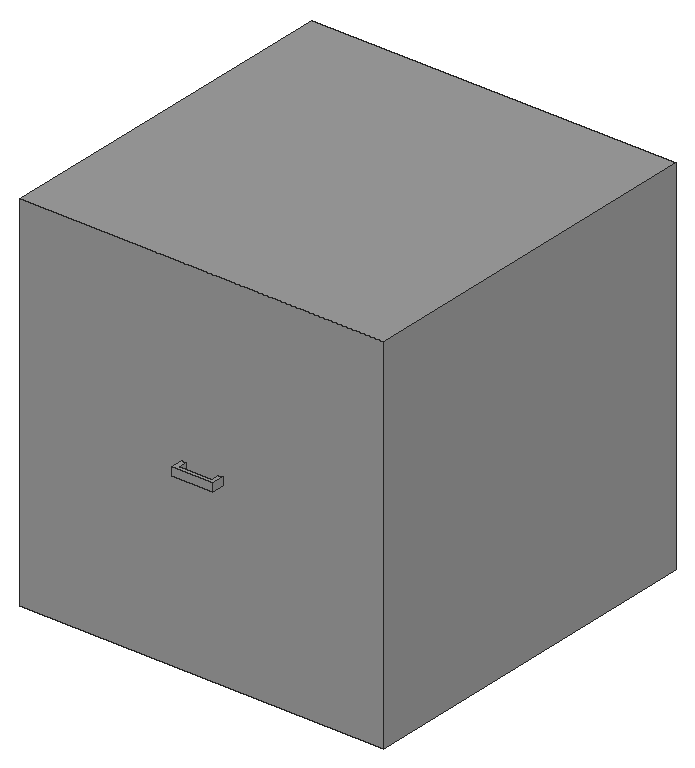
Revit family "BIMLIB_КухонныйВентилятор_IEF_SHUFT", category Оборудование, Revit 2017
Family settings
  Размер круглого соединителя = Использовать диаметр
  Тип детали = Вставляется
  На основе рабочей плоскости = Нет
  Всегда вертикально = Да
  При загрузке вырезать с полостями = Нет
  Общий = Нет
  Точка расчета площади = Нет
Parameters (values of type "IEF 630D")
  Повернуть УГО [instance] = yes
  Описание = "Корпус вентиляторов серии IEF изготовлен из высококачественной стали с 30-мм изоляцией. Двигатель отделен от воздушного потока перегородкой, поэтому на работу вентилятора не влияют жировые загрязнения. Защитная диафрагма двигателя поставляется среди аксессуаров. Корпус имеет специальную форму поддона, чтобы собирать небольшие количества конденсата или жира. Центробежные вентиляторы оборудованы высокоэффективной крыльчаткой с назад загнутыми лопатками. Выход расположен под прямым углом ко входу. Шариковые подшипники двигателя не требуют техобслуживания и имеют длительный срок службы. Регулирование скорости вентиляторов EF осуществляется путем изменения напряжения за счет использования пятиступенчатых трансформаторов TRT или однофазных плавных регуляторов скорости SRE. К одному регулятору можно подключить несколько вентиляторов при условии, что общий ток вентиляторов не превышает номинальный ток регулятора. В двигатели вентиляторов встроены защитные термоконтакты, требующие подключения внешнего защитного термореле. В случае применения пятиступенчатых регуляторов скорости TRT дополнительное защитное термореле не нужно. Возможны 2 положения выхода. Изменение конструкции можно выполнить прямо на месте установки, переместив боковые панели."  # constant formula
  Климатическое исполнение = "У1"  # constant formula
  Изготовитель = "ООО «Завод ВКО» марка SHUFT"  # constant formula
  r1 = r - 22.5 mm  # 292.5 mm
  r = d / 2  # 315 mm
  d = 630 mm
  Watermark [instance] = "Модели защищены уникальным кодом"
  W = ADSK_Размер_Ширина  # 900 mm
  URL = "http://www.shuft.ru/"
  L = ADSK_Размер_Длина  # 900 mm
  IP Двигателя = "IP55"
  H = ADSK_Размер_Высота  # 900 mm
  BL_Разработано = "support@bimlib.pro"  # constant formula
  BL_Email = "bimmodels@rusklimat.ru"  # constant formula
  BL_BIM library = "https://bimlib.pro/manufacturer/company/23829"
  ADSK_Частота вращения вентилятора = 1410
  ADSK_Ток = 7.7 A
  ADSK_Расход воздуха [instance] = 0.0 L/s
  ADSK_Размер_Ширина = 900 mm
  ADSK_Размер_Длина = 900 mm
  ADSK_Размер_Высота = 900 mm
  ADSK_Примечание [instance] = ""
  ADSK_Потеря давления воздуха [instance] = 0.0 Pa
  ADSK_Полная мощность = ADSK_Номинальная мощность / ADSK_Коэффициент мощности  # 4.077 kW
  ADSK_Позиция = ""
  ADSK_Обозначение = ""
  ADSK_Номинальная мощность = 4.077 kW
  ADSK_Напряжение = 400 V
  ADSK_Наименование = "Кухонный вентилятор IEF 630D"
  ADSK_Материал = BIMLIB_Сталь_SHUFT
  ADSK_Масса = 128
  ADSK_Марка = "IEF 630D"
  ADSK_Коэффициент мощности = 1
  ADSK_Количество фаз = 3
  ADSK_Код изделия = ADSK_Марка  # "IEF 630D"
  ADSK_Классификация нагрузок = Прочее
  ADSK_Завод-изготовитель = "ООО «Завод ВКО» марка SHUFT"  # constant formula
  ADSK_Единица измерения = "шт."  # constant formula
  ADSK_Версия семейства = "v.1"  # constant formula
  ADSK_Версия Revit = "2017"  # constant formula
  ADSK_URL страницы изделия = "http://www.shuft.ru/catalog/1/200/3003/4018/"
  ADSK_URL документации изделия = "http://www.shuft.ru/upload/downloads/Rucovodstvo_IEF.pdf"
Types (16, lengths in mm): name | r1 | r | d | W | L | IP Двигателя | H | ADSK_Частота вращения вентилятора | ADSK_Ток | ADSK_Размер_Ширина | ADSK_Размер_Длина | ADSK_Размер_Высота | ADSK_Полная мощность | ADSK_Номинальная мощность | ADSK_Напряжение | ADSK_Наименование | ADSK_Масса | ADSK_Марка | ADSK_Количество фаз | ADSK_Код изделия
  IEF 225E | 90 | 112.5 | 225 | 500 | 500 | "IP54" | 500 | 2840 | 2.1 A | 500 | 500 | 500 | 0.285 kW | 0.285 kW | 230 V | "Кухонный вентилятор IEF 225E" | 36 | "IEF 225E" | 1 | "IEF 225E"
  IEF 225D | 90 | 112.5 | 225 | 500 | 500 | "IP55" | 500 | 2920 | 0.9 A | 500 | 500 | 500 | 0.44 kW | 0.44 kW | 400 V | "Кухонный вентилятор IEF 225D" | 36 | "IEF 225D" | 3 | "IEF 225D"
  IEF 250E | 102.5 | 125 | 250 | 500 | 500 | "IP54" | 500 | 2850 | 3.4 A | 500 | 500 | 500 | 0.45 kW | 0.45 kW | 230 V | "Кухонный вентилятор IEF 250E" | 44 | "IEF 250E" | 1 | "IEF 250E"
  IEF 250D | 102.5 | 125 | 250 | 500 | 500 | "IP55" | 500 | 2870 | 1.2 A | 500 | 500 | 500 | 0.692 kW | 0.692 kW | 400 V | "Кухонный вентилятор IEF 250D" | 44 | "IEF 250D" | 3 | "IEF 250D"
  IEF 280E | 117.5 | 140 | 280 | 500 | 500 | "IP54" | 500 | 2740 | 4.1 A | 500 | 500 | 500 | 0.703 kW | 0.703 kW | 230 V | "Кухонный вентилятор IEF 280E" | 46 | "IEF 280E" | 1 | "IEF 280E"
  IEF 280D | 117.5 | 140 | 280 | 500 | 500 | "IP55" | 500 | 2790 | 1.3 A | 500 | 500 | 500 | 0.686 kW | 0.686 kW | 400 V | "Кухонный вентилятор IEF 280D" | 46 | "IEF 280D" | 3 | "IEF 280D"
  IEF 315E | 135 | 157.5 | 315 | 500 | 500 | "IP54" | 500 | 2790 | 7.6 A | 500 | 500 | 500 | 1.319 kW | 1.319 kW | 230 V | "Кухонный вентилятор IEF 315E" | 41 | "IEF 315E" | 1 | "IEF 315E"
  IEF 315D | 135 | 157.5 | 315 | 500 | 500 | "IP55" | 500 | 2860 | 2.5 A | 500 | 500 | 500 | 1.208 kW | 1.208 kW | 400 V | "Кухонный вентилятор IEF 315D" | 41 | "IEF 315D" | 3 | "IEF 315D"
  IEF 400E | 177.5 | 200 | 400 | 700 | 700 | "IP54" | 700 | 1350 | 2.8 A | 700 | 700 | 700 | 0.499 kW | 0.499 kW | 230 V | "Кухонный вентилятор IEF 400E" | 59 | "IEF 400E" | 1 | "IEF 400E"
  IEF 400D | 177.5 | 200 | 400 | 700 | 700 | "IP55" | 700 | 1440 | 1.1 A | 700 | 700 | 700 | 0.564 kW | 0.564 kW | 400 V | "Кухонный вентилятор IEF 400D" | 59 | "IEF 400D" | 3 | "IEF 400D"
  IEF 450E | 202.5 | 225 | 450 | 700 | 700 | "IP54" | 700 | 1350 | 4.5 A | 700 | 700 | 700 | 0.793 kW | 0.793 kW | 230 V | "Кухонный вентилятор IEF 450E" | 73 | "IEF 450E" | 1 | "IEF 450E"
  IEF 450D | 202.5 | 225 | 450 | 700 | 700 | "IP55" | 700 | 1470 | 2.5 A | 700 | 700 | 700 | 1.226 kW | 1.226 kW | 400 V | "Кухонный вентилятор IEF 450D" | 73 | "IEF 450D" | 3 | "IEF 450D"
  IEF 500E | 227.5 | 250 | 500 | 700 | 700 | "IP54" | 700 | 1370 | 6.6 A | 700 | 700 | 700 | 1.429 kW | 1.429 kW | 230 V | "Кухонный вентилятор IEF 500E" | 80.8 | "IEF 500E" | 1 | "IEF 500E"
  IEF 500D | 227.5 | 250 | 500 | 700 | 700 | "IP55" | 700 | 1450 | 2.9 A | 700 | 700 | 700 | 1.44 kW | 1.44 kW | 400 V | "Кухонный вентилятор IEF 500D" | 80.8 | "IEF 500D" | 3 | "IEF 500D"
  IEF 560D | 257.5 | 280 | 560 | 900 | 900 | "IP55" | 900 | 1430 | 5 A | 900 | 900 | 900 | 2.661 kW | 2.661 kW | 400 V | "Кухонный вентилятор IEF 560D" | 127 | "IEF 560D" | 3 | "IEF 560D"
  IEF 630D | 292.5 | 315 | 630 | 900 | 900 | "IP55" | 900 | 1410 | 7.7 A | 900 | 900 | 900 | 4.077 kW | 4.077 kW | 400 V | "Кухонный вентилятор IEF 630D" | 128 | "IEF 630D" | 3 | "IEF 630D"
Reference planes
  plane 1 "По центру (Вперед/Назад)": y = 0
  plane 2: z = 0
  plane 3 "По центру (Влево/Вправо)": x = 0
  plane 4: x = -450
  plane 5: x = 450
  plane 6: y = -450
  plane 7: y = 450
  plane 8: z = 450
  plane 9: z = -450
  plane 10: x = -425
  plane 11: z = 400
  plane 12: z = -400
  plane 13: x = 225
  plane 14: z = -10
  plane 15: z = 10
Forms (mm)
  Extrusion 1, solid, material "BIMLIB_Сталь_SHUFT" <- "ADSK_Материал", detail levels medium+fine
    sketch origin (0, 0, 0) x (0, 1, 0) y (0, 0, 1)
      loop
        line (-450, 450) -> (-450, -450) -> (450, -450) -> (450, 450) -> (-450, 450)
    from -450 to 450
  Extrusion 2, void
    sketch origin (0, 0, 0) x (0, 1, 0) y (0, 0, 1)
      loop
        line (-400, 400) -> (-400, -400) -> (400, -400) -> (400, 400) -> (-400, 400)
    from -425 to 225
  Extrusion 3, void
    sketch origin (0, 0, 0) x (0, 1, 0) y (0, 0, 1)
      loop
        circle (0, 0) r 315
    from -450 to -425
  Revolve 4, solid, material "BIMLIB_Сталь_SHUFT" <- "ADSK_Материал", detail levels fine
    sketch origin (0, 0, 0) x (1, 0, 0) y (0, 0, 1)
      loop
        line (-425, 0) -> (312.5, 0)
        arc (312.5, 0) -> (226.829, 206.829) -> (20, 292.5) r 292.5
        line (20, 292.5) -> (-395, 292.5) -> (-395, 332.5) -> (-415, 332.5) -> (-415, 292.5) -> (-425, 292.5) -> (-425, 0)
      axis (-425, 0) -> (312.5, 0)
    angle from 0 to 360
  Extrusion 5, solid, material "BIMLIB_Сталь_SHUFT" <- "ADSK_Материал", detail levels fine
    sketch origin (0, 0, 0) x (1, 0, 0) y (0, 1, 0)
      loop
        line (-50, -450) -> (-50, -480) -> (50, -480) -> (50, -450) -> (40, -450) -> (40, -470) -> (-40, -470) -> (-40, -450) -> (-50, -450)
    from -10 to 10
Cuts and joins
  Extrusion 2, Extrusion 3 cuts Extrusion 1
Dimensions and locks
  "L": plane 4 to plane 5
  equal spacing: plane 4, plane 3 "По центру (Влево/Вправо)", plane 5
  "W": plane 6 to plane 7
  equal spacing: plane 6, plane 1 "По центру (Вперед/Назад)", plane 7
  "H": plane 8 to plane 9
  equal spacing: plane 8, level, plane 9
  plane 5 to plane 4 = 900 mm
  equal spacing: plane 5, plane 3 "По центру (Влево/Вправо)", plane 4
  locked: plane 8 to plane 11 at 50
  locked: plane 12 to plane 9 at 50
  locked: plane 10 to plane 4 at 25
  "r1": Revolve 4 sketch curve to level  (x2)
  locked: Revolve 4 sketch curve to Revolve 4 sketch curve at 40
  locked: plane 15 to plane 14 at 20
  equal spacing: plane 15, level, plane 14
  "r": radius of Extrusion 3 sketch curve
  "r1": radius of Revolve 4 sketch curve
  aligned and locked: level to plane 2
  aligned and locked: Extrusion 1 sketch curve to plane 6
  aligned and locked: plane 9 to Extrusion 1 sketch curve
  aligned and locked: plane 7 to Extrusion 1 sketch curve
  aligned and locked: Extrusion 1 sketch curve to plane 8
  aligned and locked: Extrusion 1 to plane 4
  aligned and locked: plane 5 to Extrusion 1
  aligned and locked: Extrusion 2 to plane 10
  aligned and locked: cut or joined group of Extrusion 1, Extrusion 2, Extrusion 3 to plane 11
  aligned and locked: plane 12 to cut or joined group of Extrusion 1, Extrusion 2, Extrusion 3
  aligned and locked: Extrusion 2 to plane 13
  aligned and locked: Extrusion 3 to plane 4
  aligned and locked: Extrusion 3 to Extrusion 2
  aligned and locked: Extrusion 5 to plane 6  (x2)
  aligned and locked: Extrusion 5 to plane 14
  aligned and locked: plane 15 to Extrusion 5
  aligned and locked: plane 10 to nested 1
  aligned and locked: plane 5 to nested 1
  aligned and locked: level to nested 1  (x2)
  aligned and locked: plane 1 "По центру (Вперед/Назад)" to nested 1
Automatic sketch dimensions
  Extrusion 2 sketch curve to plane 6 = 50 mm
  plane 7 to Extrusion 2 sketch curve = 50 mm
  plane 9 to Extrusion 2 sketch curve = 50 mm
  Extrusion 2 sketch curve to plane 8 = 50 mm
  plane 6 to Extrusion 5 sketch curve = 0 mm  (x2)
  Extrusion 5 sketch curve to plane 3 "По центру (Влево/Вправо)" = 50 mm
  Extrusion 5 sketch curve to Extrusion 5 sketch curve = 10 mm  (x3)
  plane 3 "По центру (Влево/Вправо)" to Extrusion 5 sketch curve = 40 mm
  plane 6 to Extrusion 5 sketch curve = 20 mm
  Extrusion 3 sketch curve to level = 0 mm
  Extrusion 3 sketch curve to plane 1 "По центру (Вперед/Назад)" = 0 mm
  Revolve 4 sketch curve to level = 0 mm
  Revolve 4 sketch curve to plane 10 = 0 mm
  plane 10 to Revolve 4 sketch curve = 10 mm
  Revolve 4 sketch curve to Revolve 4 sketch curve = 20 mm
  plane 3 "По центру (Влево/Вправо)" to Revolve 4 sketch curve = 20 mm
  Revolve 4 sketch curve to plane 4 = 20 mm
  Revolve 4 sketch curve to Revolve 4 sketch curve = 10 mm
Nested families
  nested 1: "BIMLIB_УГО Кухонный вентилятор_SHUFT" at (12.5, 0, 0), Ширина <- "ADSK_Размер_Ширина", УГО сверху <- "Повернуть УГО", Высота <- "ADSK_Размер_Высота", type "BIMLIB_УГО Кухонный вентилятор_SHUFT", detail levels coarse
    with Ширина/4 225 mm, Ширина 900 mm, УГО спереди no, УГО сверху yes, Длина 875 mm, Высота/4 225 mm, Высота УГО 3д План 450 mm, Высота 900 mm
Connectors
  electrical at (0, 0, 450), driven by "ADSK_Количество фаз", driven by "ADSK_Напряжение", driven by "ADSK_Номинальная мощность", driven by "ADSK_Классификация нагрузок", driven by "ADSK_Коэффициент мощности"
    settings: on cut or joined group of Extrusion 1, Extrusion 2, Extrusion 3, index 1, voltage 400 V, apparent load 4.077 kW, apparent load phase1 0 kW, apparent load phase2 0 kW, apparent load phase3 0 kW, power factor 1, load classification "Прочее", number of poles 3, system type 30, power factor state 1, is connector primary yes, connector utility no, sub classification motor no, connector description "Электрический соединитель"
  hvac at (-425, 0, 0), driven by "d", driven by "ADSK_Расход воздуха", driven by "ADSK_Потеря давления воздуха"
    settings: on Revolve 4, index 2, duct flow 0.0 L/s, flow factor 0, pres drop 0.0 Pa, loss coef 0, conn angle 0.00°, conn width 304.8 mm, conn height 304.8 mm, conn diameter 630 mm, duct sys type 29, conn prof type 0, flow config 0, flow direction 1, loss method 0, conn ref index 3, conn util no, is conn primary yes, conn desc "Приточный воздух"
  hvac at (450, 0, 0), driven by "ADSK_Размер_Ширина", driven by "ADSK_Расход воздуха", driven by "ADSK_Потеря давления воздуха", driven by "ADSK_Размер_Высота"
    settings: on cut or joined group of Extrusion 1, Extrusion 2, Extrusion 3, index 3, duct flow 0.0 L/s, flow factor 0, pres drop 0.0 Pa, loss coef 0, conn angle 0.00°, conn width 900 mm, conn height 900 mm, conn diameter 609.6 mm, duct sys type 29, conn prof type 1, flow config 0, flow direction 2, loss method 0, conn ref index 2, conn util no, is conn primary no, conn desc "Наружный воздух"
Definition of nested family "BIMLIB_УГО Кухонный вентилятор_SHUFT"
  Parameters (values of type "BIMLIB_УГО Кухонный вентилятор_SHUFT")
    Ширина/4 [instance] = Ширина / 4  # 105 mm
    Ширина [instance] = 420 mm
    УГО спереди [instance] = not(УГО сверху)  # no
    УГО сверху [instance] = yes
    Высота/4 [instance] = Высота / 4  # 63 mm
    Длина [instance] = 810 mm
    Высота УГО 3д План [instance] = 126 mm
    Высота 1 = 252 mm
    Высота [instance] = 252 mm
  Reference planes
    plane 1 "По центру (Вперед/Назад)": y = 0
    plane 2: z = 0
    plane 3 "По центру (Влево/Вправо)": x = 0
    plane 4: x = -405
    plane 5: x = 405
    plane 6: y = 210
    plane 7: y = -210
    plane 8: z = 126
    plane 9: z = 63
    plane 10: y = 105
    plane 11: y = -105
    plane 12 "УГО": z = 126
    plane 13: z = -63
    plane 14: z = -126
  Lines and regions (mm)
    model lines, visible <- "УГО спереди", detail levels coarse
      curve 1: line (-405, 0, 126) -> (-405, 0, -126)
      curve 2: line (-405, 0, -126) -> (405, 0, -126)
      curve 3: line (405, 0, -126) -> (405, 0, 126)
      curve 4: line (405, 0, 126) -> (-405, 0, 126)
      curve 20: line (-17.124, 0, -46.976) -> (-17.124, 0, 46.976)
      curve 21: line (-17.124, 0, 46.976) -> (50, 0, 0)
      curve 22: circle (0, 0, 0) r 50 normal (0, -1, 0)
      curve 23: line (50, 0, 0) -> (-17.124, 0, -46.976)
    model lines, visible <- "УГО сверху", detail levels coarse
      curve 5: line (-405, 210, 0) -> (-405, -210, 0)
      curve 6: line (-405, -210, 0) -> (405, -210, 0)
      curve 7: line (405, -210, 0) -> (405, 210, 0)
      curve 8: line (405, 210, 0) -> (-405, 210, 0)
      curve 9: line (-38.707, 60.625, 0) -> (71.928, 0, 0)
      curve 10: line (71.928, 0, 0) -> (-38.707, -60.625, 0)
      curve 11: line (-38.707, -60.625, 0) -> (-38.707, 60.625, 0)
      curve 24: circle (0, 0, 0) r 71.928 normal (0, 0, 1)
    symbolic lines, detail levels coarse
      curve 12: line (-405, 0, 126) -> (-405, 0, -126)
      curve 13: line (-405, 0, -126) -> (405, 0, -126)
      curve 14: line (405, 0, -126) -> (405, 0, 126)
      curve 15: line (405, 0, 126) -> (-405, 0, 126)
      curve 16: line (-405, 210, 0) -> (-405, -210, 0)
      curve 17: line (-405, -210, 0) -> (405, -210, 0)
      curve 18: line (405, -210, 0) -> (405, 210, 0)
      curve 19: line (405, 210, 0) -> (-405, 210, 0)
      curve 25: circle (0, 0, 0) r 71.928 normal (0, 0, 1)
      curve 26: line (-38.707, 60.625, 0) -> (-38.707, -60.625, 0)
      curve 27: line (-38.707, -60.625, 0) -> (71.928, 0, 0)
      curve 28: line (71.928, 0, 0) -> (-38.707, 60.625, 0)
      curve 29: circle (0, 0, 0) r 50 normal (0, -1, 0)
      curve 30: line (50, 0, 0) -> (-17.101, 0, 46.985)
      curve 31: line (-17.101, 0, 46.985) -> (-17.101, 0, -46.985)
      curve 32: line (50, 0, 0) -> (-17.101, 0, -46.985)
  Dimensions and locks
    equal spacing: plane 4, plane 3 "По центру (Влево/Вправо)", plane 5
    "Длина": plane 4 to plane 5
    "Ширина": plane 7 to plane 6
    equal spacing: plane 6, plane 10, plane 1 "По центру (Вперед/Назад)", plane 11, plane 7
    "Высота": plane 12 "УГО" to plane 14
    equal spacing: plane 12 "УГО", plane 9, level, plane 13, plane 14
    aligned and locked: level to plane 2
    aligned and locked: plane 8 to curve 15
    aligned and locked: plane 14 to curve 13
    aligned and locked: plane 6 to curve 19
    aligned and locked: plane 7 to curve 17
    aligned and locked: plane 5 to curve 18
    aligned and locked: curve 16 to plane 4
    aligned and locked: curve 12 to plane 4
    aligned and locked: plane 5 to curve 14
    aligned and locked: plane 12 "УГО" to curve 15
  Automatic sketch dimensions
    curve 24 to curve 25 = 0 mm  (x2)
    plane 1 "По центру (Вперед/Назад)" to curve 25 = 0 mm
    curve 25 to plane 3 "По центру (Влево/Вправо)" = 0 mm
    plane 1 "По центру (Вперед/Назад)" to curve 28 = 0 mm
    plane 1 "По центру (Вперед/Назад)" to curve 9 = 0 mm
    plane 1 "По центру (Вперед/Назад)" to curve 27 = 0 mm
    curve 9 to plane 3 "По центру (Влево/Вправо)" = 38.707 mm
    curve 26 to curve 9 = 0 mm
    plane 3 "По центру (Влево/Вправо)" to curve 9 = 71.928 mm
    curve 27 to curve 10 = 0 mm
    curve 22 to curve 29 = 0 mm  (x2)
    curve 29 to level = 0 mm
    curve 29 to plane 3 "По центру (Влево/Вправо)" = 0 mm
    curve 21 to level = 0 mm
    curve 32 to level = 0 mm
    curve 32 to plane 3 "По центру (Влево/Вправо)" = 17.101 mm
    curve 20 to curve 31 = 0.023 mm
    plane 3 "По центру (Влево/Вправо)" to curve 21 = 50 mm
    curve 32 to curve 21 = 0 mm
    radius of curve 25 = 71.928 mm
